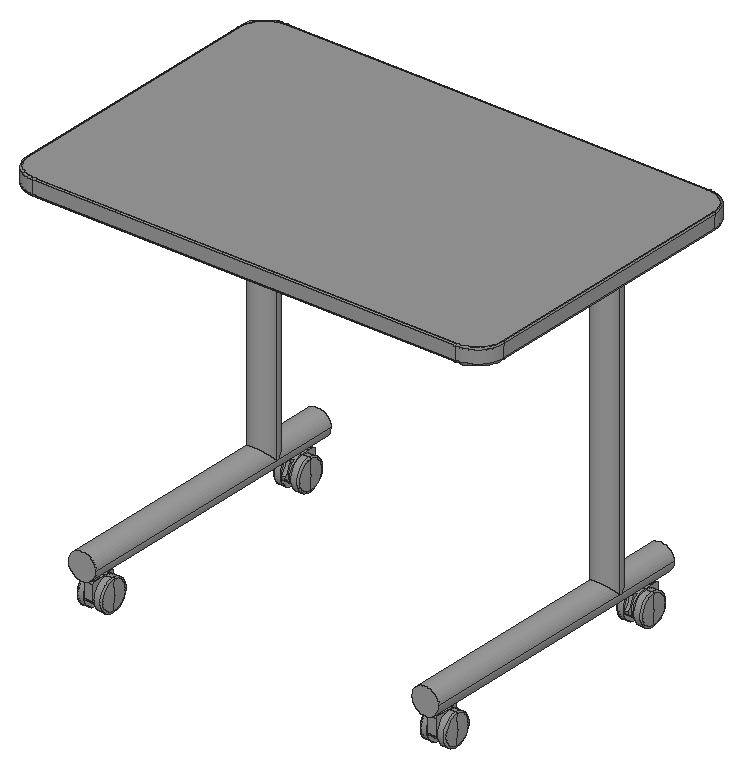
Revit family "Trios C Leg 3624", category Generic Models, Revit 2018
Family settings
  Can host rebar = No
  Round Connector Dimension = Use Diameter
  Part Type = Normal
  Work Plane-Based = No
  Always vertical = Yes
  Cut with Voids When Loaded = No
  Shared = No
  Room Calculation Point = No
Parameters
  Surface = Trios C Leg 3624 Surface
  Leg Finish = Trio Leg Platinum
  Grommets = Trios 3624 Tabletop : Trios 3624 Tabletop
  Edgeband = Trios C Leg 3624 Edgeband
  Caster/Glider = Trios C Leg - Casters : Trios C Leg - Casters
Reference planes (in)
  plane 1 "Center (Front/Back)": y = 0
  plane 2: z = 0
  plane 3 "Center (Left/Right)": x = 0
Dimensions and locks (in)
  aligned and locked: plane 2 to level
Nested families (in)
  nested 1: "Trios C Leg - Casters" at (-12.85, 0, 0), type <- "Caster/Glider", type "Trios C Leg - Casters"
  nested 2: "Trios C Leg - Casters" at (12.85, 0, 0) x (-1, 0, 0) z (0, 0, 1), type <- "Caster/Glider", type "Trios C Leg - Casters"
  nested 3: "Trios 3624 Tabletop" at (0, 0, 0.06193), type <- "Grommets", type "Trios 3624 Tabletop"
Definition of nested family "Trios C Leg - Casters"
  Parameters (values of type "Trios C Leg - Casters")
    Leg Finish = none
  Reference planes (in)
    plane 1 "Center (Front/Back)": y = 0
    plane 2: z = 0
    plane 3 "Center (Left/Right)": x = 0
  Forms (in)
    Revolve 1, solid
      sketch origin (24.58071, -9.2026, 0) x (1, 0, 0) y (0, 0, 1)
        loop
          line (-24.97071, 0.96467) -> (-24.19071, 0.96467) -> (-24.19071, 0) -> (-23.75169, 0)
          arc (-23.75169, 0) -> (-23.6768, 0.03102) -> (-23.64578, 0.10591) r 0.10591
          arc (-23.64578, 0.10591) -> (-23.60985, 0.63116) -> (-23.59787, 1.1575) r 11.56601
          line (-23.59787, 1.1575) -> (-25.56355, 1.1575)
          arc (-25.56355, 1.1575) -> (-25.55156, 0.63116) -> (-25.51564, 0.10591) r 11.56601
          arc (-25.51564, 0.10591) -> (-25.48462, 0.03102) -> (-25.40973, 0) r 0.10591
          line (-25.40973, 0) -> (-24.97071, 0) -> (-24.97071, 0.96467)
        axis (-23.59787, 1.1575) -> (-25.56355, 1.1575)
      angle from 0 to 360
    Extrusion 2, solid
      sketch origin (24.58071, -2.50544, 0) x (0, 1, 0) y (0, 0, 1)
        loop
          line (-7.72966, 0.8701) -> (-5.67751, 0.8701)
          arc (-5.67751, 0.8701) -> (-5.59637, 0.90001) -> (-5.55407, 0.97544) r 0.125
          arc (-5.55407, 0.97544) -> (-5.81666, 1.90885) -> (-6.69716, 2.315) r 1.1575
          line (-6.69716, 2.315) -> (-7.72966, 2.315)
          arc (-7.72966, 2.315) -> (-7.81805, 2.27839) -> (-7.85466, 2.19) r 0.125
          line (-7.85466, 2.19) -> (-7.85466, 0.9951)
          arc (-7.85466, 0.9951) -> (-7.81805, 0.90671) -> (-7.72966, 0.8701) r 0.125
      from -24.89567 to -24.26575
    Revolve 3, solid
      sketch origin (24.58071, -9.99, 0) x (1, 0, 0) y (0, 0, 1)
        loop
          line (-24.58071, 2.74648) -> (-24.58071, 2.315) -> (-24.39321, 2.315) -> (-24.39321, 2.402) -> (-24.26248, 2.402) -> (-24.26248, 2.55948) -> (-24.39321, 2.55948) -> (-24.39321, 2.74648) -> (-24.58071, 2.74648)
        axis (-24.58071, 2.315) -> (-24.58071, 2.74648)
      angle from 0 to 360
    Extrusion 4, solid
      sketch origin (24.58071, -2.50544, 0) x (0, 1, 0) y (0, 0, 1)
        loop
          arc (-5.36095, 1.27372) -> (-5.63909, 1.69661) -> (-5.81774, 2.1702) r 2.29458
          arc (-5.81774, 2.1702) -> (-5.87342, 2.23656) -> (-5.96002, 2.23454) r 0.1
          line (-5.96002, 2.23454) -> (-6.11283, 2.15668)
          arc (-6.11283, 2.15668) -> (-5.66582, 1.68299) -> (-5.54534, 1.04293) r 1.1575
          line (-5.54534, 1.04293) -> (-5.39253, 1.12079)
          arc (-5.39253, 1.12079) -> (-5.34, 1.18966) -> (-5.36095, 1.27372) r 0.1
      from -24.70571 to -24.45571
    Revolve 5, solid
      sketch origin (24.58071, 9.2026, 0) x (1, 0, 0) y (0, 0, -1)
        loop
          line (-24.97071, -0.96467) -> (-24.97071, 0) -> (-25.40973, 0)
          arc (-25.40973, 0) -> (-25.48462, -0.03102) -> (-25.51564, -0.10591) r 0.10591
          arc (-25.51564, -0.10591) -> (-25.55156, -0.63116) -> (-25.56355, -1.1575) r 11.56601
          line (-25.56355, -1.1575) -> (-23.59787, -1.1575)
          arc (-23.59787, -1.1575) -> (-23.60985, -0.63116) -> (-23.64578, -0.10591) r 11.56601
          arc (-23.64578, -0.10591) -> (-23.6768, -0.03102) -> (-23.75169, 0) r 0.10591
          line (-23.75169, 0) -> (-24.19071, 0) -> (-24.19071, -0.96467) -> (-24.97071, -0.96467)
        axis (-23.59787, -1.1575) -> (-25.56355, -1.1575)
      angle from 0 to 360
    Extrusion 6, solid
      sketch origin (24.58071, 2.50544, 0) x (0, -1, 0) y (0, 0, -1)
        loop
          arc (-7.72966, -0.8701) -> (-7.81805, -0.90671) -> (-7.85466, -0.9951) r 0.125
          line (-7.85466, -0.9951) -> (-7.85466, -2.19)
          arc (-7.85466, -2.19) -> (-7.81805, -2.27839) -> (-7.72966, -2.315) r 0.125
          line (-7.72966, -2.315) -> (-6.69716, -2.315)
          arc (-6.69716, -2.315) -> (-5.81666, -1.90885) -> (-5.55407, -0.97544) r 1.1575
          arc (-5.55407, -0.97544) -> (-5.59637, -0.90001) -> (-5.67751, -0.8701) r 0.125
          line (-5.67751, -0.8701) -> (-7.72966, -0.8701)
      from -24.89567 to -24.26575
    Revolve 7, solid
      sketch origin (24.58071, 9.99, 0) x (1, 0, 0) y (0, 0, -1)
        loop
          line (-24.58071, -2.74648) -> (-24.39321, -2.74648) -> (-24.39321, -2.55948) -> (-24.26248, -2.55948) -> (-24.26248, -2.402) -> (-24.39321, -2.402) -> (-24.39321, -2.315) -> (-24.58071, -2.315) -> (-24.58071, -2.74648)
        axis (-24.58071, -2.315) -> (-24.58071, -2.74648)
      angle from 0 to 360
    Extrusion 8, solid
      sketch origin (24.58071, 2.50544, 0) x (0, -1, 0) y (0, 0, -1)
        loop
          arc (-5.36095, -1.27372) -> (-5.34, -1.18966) -> (-5.39253, -1.12079) r 0.1
          line (-5.39253, -1.12079) -> (-5.54534, -1.04293)
          arc (-5.54534, -1.04293) -> (-5.66582, -1.68299) -> (-6.11283, -2.15668) r 1.1575
          line (-6.11283, -2.15668) -> (-5.96002, -2.23454)
          arc (-5.96002, -2.23454) -> (-5.87342, -2.23656) -> (-5.81774, -2.1702) r 0.1
          arc (-5.81774, -2.1702) -> (-5.63909, -1.69661) -> (-5.36095, -1.27372) r 2.29458
      from -24.70571 to -24.45571
    Extrusion 9, solid, material <- "Leg Finish"
      sketch origin (0, 6, 0) x (1, 0, 0) y (0, 1, 0)
        loop
          circle (0, 0) r 1
      from 3.56048 to 27.50948
    Extrusion 10, solid, material <- "Leg Finish"
      sketch origin (0, 0, 0) x (1, 0, 0) y (0, 0, 1)
        loop
          circle (0, 3.56048) r 1
      from -11 to 11
    Extrusion 11, solid, material <- "Leg Finish"
      sketch origin (0, 0, 0) x (1, 0, 0) y (0, 1, 0)
        loop
          line (-3, 9.75) -> (-3, 2.25)
          arc (-3, 2.25) -> (-2.92678, 2.07322) -> (-2.75, 2) r 0.25
          line (-2.75, 2) -> (2.75, 2)
          arc (2.75, 2) -> (2.92678, 2.07322) -> (3, 2.25) r 0.25
          line (3, 2.25) -> (3, 9.75)
          arc (3, 9.75) -> (2.92678, 9.92678) -> (2.75, 10) r 0.25
          line (2.75, 10) -> (-2.75, 10)
          arc (-2.75, 10) -> (-2.92678, 9.92678) -> (-3, 9.75) r 0.25
      from 27.50948 to 27.71848
  Dimensions and locks (in)
    aligned and locked: plane 2 to level
Definition of nested family "Trios 3624 Tabletop"
  Parameters (values of type "Trios 3624 Tabletop")
    Surface = none
    Edgeband = none
  Reference planes (in)
    plane 1 "Center (Front/Back)": y = 0
    plane 2: z = 0
    plane 3 "Center (Left/Right)": x = 0
  Forms (in)
    Extrusion 1, solid, material <- "Surface"
      sketch origin (0, 0, 0) x (1, 0, 0) y (0, 1, 0)
        loop
          line (15.85, 11.75389) -> (-15.85, 11.75389)
          arc (-15.85, 11.75389) -> (-17.1807, 11.2027) -> (-17.73189, 9.872) r 1.88189
          line (-17.73189, 9.872) -> (-17.73189, -9.872)
          arc (-17.73189, -9.872) -> (-17.1807, -11.2027) -> (-15.85, -11.75389) r 1.88189
          line (-15.85, -11.75389) -> (15.85, -11.75389)
          arc (15.85, -11.75389) -> (17.1807, -11.2027) -> (17.73189, -9.872) r 1.88189
          line (17.73189, -9.872) -> (17.73189, 9.872)
          arc (17.73189, 9.872) -> (17.1807, 11.2027) -> (15.85, 11.75389) r 1.88189
      from 27.65655 to 28.85655
    Sweep 2, solid, material <- "Edgeband"
      path origin (0, 0, 0) x (1, 0, 0) y (0, 1, 0)
        loop
          line (15.85, 11.75389) -> (-15.85, 11.75389)
          arc (-15.85, 11.75389) -> (-17.1807, 11.2027) -> (-17.73189, 9.872) r 1.88189
          line (-17.73189, 9.872) -> (-17.73189, -9.872)
          arc (-17.73189, -9.872) -> (-17.1807, -11.2027) -> (-15.85, -11.75389) r 1.88189
          line (-15.85, -11.75389) -> (15.85, -11.75389)
          arc (15.85, -11.75389) -> (17.1807, -11.2027) -> (17.73189, -9.872) r 1.88189
          line (17.73189, -9.872) -> (17.73189, 9.872)
          arc (17.73189, 9.872) -> (17.1807, 11.2027) -> (15.85, 11.75389) r 1.88189
      profile origin (0, 11.75389, 0) x (0, -1, 0) y (0, 0, 1)
        loop
          line (0, 27.65655) -> (0, 28.85655)
          arc (0, 28.85655) -> (-0.08352, 28.82195) -> (-0.11811, 28.73844) r 0.11811
          line (-0.11811, 28.73844) -> (-0.11811, 27.77466)
          arc (-0.11811, 27.77466) -> (-0.08352, 27.69114) -> (0, 27.65655) r 0.11811
  Dimensions and locks (in)
    aligned and locked: plane 2 to level
